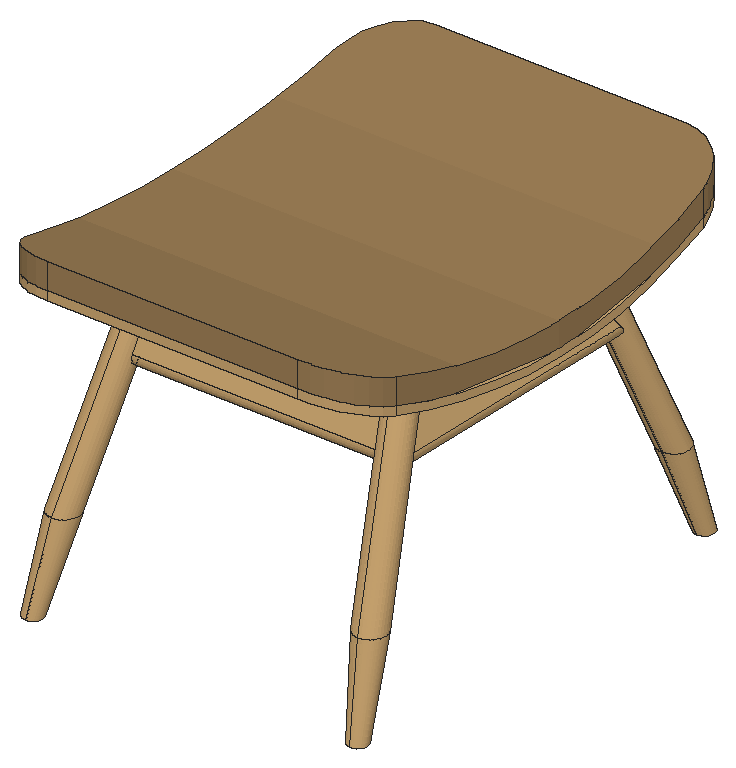
Revit family "Furniture_Chair_ECO 501RREP", category Furniture, Revit 2019
Family settings
  OmniClass Number = 23.21.23.15.17
  Work Plane-Based = Yes
  Always vertical = No
  Cut with Voids When Loaded = No
  Shared = No
  Room Calculation Point = No
Parameters (values of type "ECO 501RREP")
  Youtube clip = ""
  Uniformat II Description = "Movable Furnishings"
  Uniformat II Code = ""
  Uniclass 2015 Name = ""
  Uniclass 2015 Code = ""
  Uniclass 2.0 Description = ""
  Uniclass 2.0 Code = ""
  Uniclass 1.4 Description = ""
  Uniclass 1.4 Code = ""
  UNSPSC Code = ""
  Technical description = ""
  Shell Material = Leather - Percentage AK016
  Frame Material = Wood - OAK - Natual OAK
  Region South America = "All"
  Region Oceania = "All"
  Region North America = "All"
  Region Middle East = "All"
  Region Europe = "All"
  Region Asia = "All"
  Region Antarctica = "All"
  Region Africa = "All"
  QR code = "https://www.sandlerseating.com/product/eco-501rrep/"
  Product url = "https://www.sandlerseating.com/product/eco-501rrep/"
  Product name = "ECO 501RREP"
  Product group = "Chair"
  Product family = "Furniture"
  Product data url = "https://www.sandlerseating.com/product/eco-501rrep/"
  Product certification = ""
  Product SKU = "??"
  Product Guid = "??"
  OmniClass Description = ""
  OmniClass Code = "23-21 23 15 17"
  NBS Reference Description = ""
  NBS Reference Code = ""
  Model = "ECO 501RREP"
  Masterformat 2014 Description = "Chair Mats"
  Masterformat 2014 Code = "12 48 43.13"
  Manufacturer name = "Sandler"
  Manufacturer country = "USA"
  Manufacturer = "Sandler"
  Installation instructions = ""
  IFC Classification = "Furnishing Element"
  GTIN code = ""
  Edition number = 1
  Design country = "Brasil"
  Description = "Chair"
  Default Elevation = 0.000 mm
  Date of publishing = ""
  COBIe Type Category = ""
  Brand url = "https://www.sandlerseating.com/"
  BIMobject main category code = "furniture"
  BIMobject main category = "Furniture"
  BIMobject category code = "furniture-chair"
  BIMobject category = "Chair"
Reference planes
  plane 1 "Center Front/Back": y = 0
  plane 2: z = 0
  plane 3 "Center Left/Right": x = 0
Dimensions and locks
  aligned and locked: level to plane 2
Nested families
  nested 1: "BS03 - ECO" at (0, 0, 0) x (0, 1, 0) z (0, 0, 1), Frame Material <- "Frame Material", type "BS03 - ECO"
    with Frame Material Wood - OAK - Natual OAK
  nested 2: "TP04 - ECO" at (15, 0, 235) x (0, 1, 0) z (0, 0, 1), Frame Material <- "Frame Material", Seat Material <- "Shell Material", type "TP04 - ECO"
    with Seat Material Leather - Percentage AK016, Frame Material Wood - OAK - Natual OAK
Definition of nested family "BS03 - ECO"
  Parameters (values of type "BS03 - ECO")
    Frame Material [instance] = none
  Reference planes
    plane 1 "Center (Front/Back)": y = 0
    plane 2: z = 0
    plane 3 "Center (Left/Right)": x = 0
  Forms (mm)
    Blend 1, solid, material <- "Frame Material"
      base sketch origin (19.195, 92.711, 238.7) x (-1, 0, 0) y (0, -1, 0)
        loop
          circle (-124.451, 249.076) r 18.23
      top sketch origin (19.195, 92.711, 238.7) x (-1, 0, 0) y (0, -1, 0)
        loop
          circle (-211.713, 279.42) r 18.5
      from 81.3 to -135
    Blend 2, solid, material <- "Frame Material"
      base sketch origin (18.252, 75.036, 238.7) x (-1, 0, 0) y (0, -1, 0)
        loop
          circle (-212.61, 261.785) r 18.5
      top sketch origin (18.252, 75.036, 238.7) x (-1, 0, 0) y (0, -1, 0)
        loop
          circle (-245.676, 272.741) r 11.619
      from -135 to -238.7
    Revolve 3, solid, material <- "Frame Material"
      sketch origin (-10, -156.365, -28.118) x (1, 0, 0) y (0, 0, 1)
        loop
          arc (153.646, 359.975) -> (142.773, 356.75) -> (135.417, 348.118) r 19.942
          line (135.417, 348.118) -> (153.646, 348.118) -> (153.646, 359.975)
        axis (153.646, 348.118) -> (153.646, 359.975)
      angle from 0 to 360
    Blend 4, solid, material <- "Frame Material"
      base sketch origin (-19.195, 92.711, 238.7) x (1, 0, 0) y (0, 1, 0)
        loop
          circle (-124.451, -249.076) r 18.23
      top sketch origin (-19.195, 92.711, 238.7) x (1, 0, 0) y (0, 1, 0)
        loop
          circle (-211.713, -279.42) r 18.5
      from 81.3 to -135
    Blend 5, solid, material <- "Frame Material"
      base sketch origin (-18.252, 75.036, 238.7) x (1, 0, 0) y (0, 1, 0)
        loop
          circle (-212.61, -261.785) r 18.5
      top sketch origin (-18.252, 75.036, 238.7) x (1, 0, 0) y (0, 1, 0)
        loop
          circle (-245.676, -272.741) r 11.619
      from -135 to -238.7
    Revolve 6, solid, material <- "Frame Material"
      sketch origin (10, -156.365, -28.118) x (-1, 0, 0) y (0, 0, -1)
        loop
          line (153.646, -359.975) -> (153.646, -348.118) -> (135.417, -348.118)
          arc (135.417, -348.118) -> (142.773, -356.75) -> (153.646, -359.975) r 19.942
        axis (153.646, -348.118) -> (153.646, -359.975)
      angle from 0 to 360
    Blend 7, solid, material <- "Frame Material"
      base sketch origin (19.195, -92.94, 238.7) x (-1, 0, 0) y (0, -1, 0)
        loop
          circle (-124.451, -249.076) r 18.23
      top sketch origin (19.195, -92.94, 238.7) x (-1, 0, 0) y (0, -1, 0)
        loop
          circle (-211.713, -279.42) r 18.5
      from 81.3 to -135
    Blend 8, solid, material <- "Frame Material"
      base sketch origin (18.252, -75.264, 238.7) x (-1, 0, 0) y (0, -1, 0)
        loop
          circle (-212.61, -261.785) r 18.5
      top sketch origin (18.252, -75.264, 238.7) x (-1, 0, 0) y (0, -1, 0)
        loop
          circle (-245.676, -272.741) r 11.619
      from -135 to -238.7
    Revolve 9, solid, material <- "Frame Material"
      sketch origin (-10, 156.137, -28.118) x (1, 0, 0) y (0, 0, -1)
        loop
          line (153.646, -359.975) -> (153.646, -348.118) -> (135.417, -348.118)
          arc (135.417, -348.118) -> (142.773, -356.75) -> (153.646, -359.975) r 19.942
        axis (153.646, -348.118) -> (153.646, -359.975)
      angle from 0 to 360
    Blend 10, solid, material <- "Frame Material"
      base sketch origin (-19.195, -92.94, 238.7) x (1, 0, 0) y (0, 1, 0)
        loop
          circle (-124.451, 249.076) r 18.23
      top sketch origin (-19.195, -92.94, 238.7) x (1, 0, 0) y (0, 1, 0)
        loop
          circle (-211.713, 279.42) r 18.5
      from 81.3 to -135
    Blend 11, solid, material <- "Frame Material"
      base sketch origin (-18.252, -75.264, 238.7) x (1, 0, 0) y (0, 1, 0)
        loop
          circle (-212.61, 261.785) r 18.5
      top sketch origin (-18.252, -75.264, 238.7) x (1, 0, 0) y (0, 1, 0)
        loop
          circle (-245.676, 272.741) r 11.619
      from -135 to -238.7
    Revolve 12, solid, material <- "Frame Material"
      sketch origin (10, 156.137, -28.118) x (-1, 0, 0) y (0, 0, 1)
        loop
          arc (153.646, 359.975) -> (142.773, 356.75) -> (135.417, 348.118) r 19.942
          line (135.417, 348.118) -> (153.646, 348.118) -> (153.646, 359.975)
        axis (153.646, 348.118) -> (153.646, 359.975)
      angle from 0 to 360
    Extrusion 13, solid, material <- "Frame Material"
      sketch origin (0, 0, 0) x (1, 0, 0) y (0, 0, 1)
        loop
          line (140.934, 297.631) -> (157.061, 255.62)
          arc (157.061, 255.62) -> (162.329, 250.068) -> (169.98, 249.868) r 10
          arc (169.98, 249.868) -> (175.532, 255.136) -> (175.732, 262.787) r 10
          line (175.732, 262.787) -> (159.606, 304.798)
          arc (159.606, 304.798) -> (154.337, 310.35) -> (146.686, 310.55) r 10
          arc (146.686, 310.55) -> (141.135, 305.282) -> (140.934, 297.631) r 10
      from -150.081 to 152.052
    Extrusion 14, solid, material <- "Frame Material"
      sketch origin (0, 0, 0) x (-1, 0, 0) y (0, 0, -1)
        loop
          arc (140.934, -297.631) -> (141.135, -305.282) -> (146.686, -310.55) r 10
          arc (146.686, -310.55) -> (154.337, -310.35) -> (159.606, -304.798) r 10
          line (159.606, -304.798) -> (175.732, -262.787)
          arc (175.732, -262.787) -> (175.532, -255.136) -> (169.98, -249.868) r 10
          arc (169.98, -249.868) -> (162.329, -250.068) -> (157.061, -255.62) r 10
          line (157.061, -255.62) -> (140.934, -297.631)
      from -150.081 to 152.052
    Extrusion 15, solid, material <- "Frame Material"
      sketch origin (0.985, -4.735, 0) x (0, -1, 0) y (0, 0, 1)
        loop
          line (140.934, 297.631) -> (157.061, 255.62)
          arc (157.061, 255.62) -> (162.329, 250.068) -> (169.98, 249.868) r 10
          arc (169.98, 249.868) -> (175.532, 255.136) -> (175.732, 262.787) r 10
          line (175.732, 262.787) -> (159.606, 304.798)
          arc (159.606, 304.798) -> (154.337, 310.35) -> (146.686, 310.55) r 10
          arc (146.686, 310.55) -> (141.135, 305.282) -> (140.934, 297.631) r 10
      from -160.925 to 159.919
    Extrusion 16, solid, material <- "Frame Material"
      sketch origin (0.985, 2.765, 0) x (0, 1, 0) y (0, 0, -1)
        loop
          arc (140.934, -297.631) -> (141.135, -305.282) -> (146.686, -310.55) r 10
          arc (146.686, -310.55) -> (154.337, -310.35) -> (159.606, -304.798) r 10
          line (159.606, -304.798) -> (175.732, -262.787)
          arc (175.732, -262.787) -> (175.532, -255.136) -> (169.98, -249.868) r 10
          arc (169.98, -249.868) -> (162.329, -250.068) -> (157.061, -255.62) r 10
          line (157.061, -255.62) -> (140.934, -297.631)
      from -160.925 to 159.919
  Dimensions and locks
    aligned and locked: level to plane 2
Definition of nested family "TP04 - ECO"
  Parameters (values of type "TP04 - ECO")
    Seat Material [instance] = none
    Frame Material [instance] = none
  Reference planes
    plane 1 "Center (Front/Back)": y = 0
    plane 2: z = 0
    plane 3 "Center (Left/Right)": x = 0
  Forms (mm)
    Extrusion 1, solid, material <- "Frame Material"
      sketch origin (0, 0, -238.7) x (1, 0, 0) y (0, 0, 1)
        loop
          arc (-324.466, 386.877) -> (1.56, 320.51) -> (327.607, 386.779) r 834.596
          line (327.607, 386.779) -> (323.855, 396.05)
          arc (323.855, 396.05) -> (1.645, 330.51) -> (-320.558, 396.082) r 824.596
          line (-320.558, 396.082) -> (-324.466, 386.877)
      from -261.465 to 230.74
    Extrusion 2, solid, material <- "Seat Material"
      sketch origin (0, 0, -228.7) x (1, 0, 0) y (0, 0, 1)
        loop
          arc (-324.466, 386.877) -> (1.56, 320.51) -> (327.607, 386.779) r 834.596
          line (327.607, 386.779) -> (315.444, 415.079)
          arc (315.444, 415.079) -> (1.565, 350.51) -> (-312.294, 415.174) r 794.596
          line (-312.294, 415.174) -> (-324.466, 386.877)
      from -261.465 to 230.74
    Extrusion 3, void
      sketch origin (0, 0, 0) x (-1, 0, 0) y (0, -1, 0)
        loop
          arc (295.546, 134.787) -> (277.835, 181.326) -> (233.664, 204.315) r 70
          arc (233.664, 204.315) -> (0, 217.91) -> (-233.664, 204.315) r 2014.815
          arc (-233.664, 204.315) -> (-277.835, 181.326) -> (-295.546, 134.787) r 70
          line (-295.546, 134.787) -> (-295.546, -169.787)
          arc (-295.546, -169.787) -> (-277.835, -216.326) -> (-233.664, -239.315) r 70
          arc (-233.664, -239.315) -> (0, -252.91) -> (233.664, -239.315) r 2014.815
          arc (233.664, -239.315) -> (277.835, -216.326) -> (295.546, -169.787) r 70
          line (295.546, -169.787) -> (295.546, 134.787)
        loop
          line (360.426, -287.489) -> (360.426, 252.511) -> (-359.574, 252.511) -> (-359.574, -287.489) -> (360.426, -287.489)
      from 0 to 250
  Cuts and joins
    Extrusion 3 cuts Extrusion 1
    Extrusion 3 cuts Extrusion 2
  Dimensions and locks
    aligned and locked: level to plane 2
